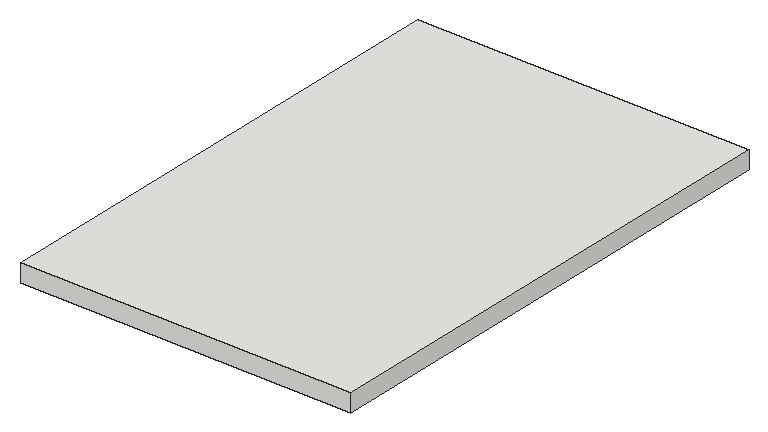
Revit family "SURVIVOR160xxWS8xxSx", category Leuchten, Revit 2024
Family settings
  Basisbauteil = Fläche
  Bemaßung runder Anschluss = Durchmesser verwenden
  Teiletyp = Normal
  OmniClass-Nummer = 23.80.70.11
  OmniClass-Titel = Luminaries for Internal Lighting
  Beim Laden mit Abzugskörper schneiden = Nein
  Lichtquelle = Ja
  Beschriftungsausrichtung beibehalten = Nein
  Gemeinsam genutzt = Nein
  Raumberechnungspunkt = Nein
Parameters (values of type "SURVIVOR160NDWS840S0650-RF")
  width = 240 mm  # constant formula
  weight = "13,2"
  voltage type (AC, DC, UC) = "AC"
  rated input power = 45
  product name = "SURVIVOR160NDWS840S0650-RF"
  nominal voltage = "230"
  nominal frequency = "50-60Hz"
  length = 1600 mm  # constant formula
  ingress protection (IP) code = "IP65"
  height = 73 mm  # constant formula
  electrical safety class = "1"
  control gear = ""
  conformity mark = "CE"  # constant formula
  brand = "RIDI"
  approval mark = ""
  built-in parameter 1150104 = 13.8 (stored number, unit not read)
  Wattage = 44.4319 W
  Von Breite des Rechtecks ausssenden = 1528 mm
  Von Länge des Rechtecks aussenden = 181 mm  # constant formula
  Default Elevation = 0 mm
  built-in parameter 1150113 = 1 (stored number, unit not read)
  built-in parameter 1114218 = 1 (stored number, unit not read)
  URL = "www.ridi.de"
  built-in parameter 1150134 = 12
  built-in parameter 1150109 = 1 (stored number, unit not read)
  built-in parameter 1150110 = 1 (stored number, unit not read)
  Apparent Load = 45 VA
  Tilt Angle = 90.00°
  Modell = "0622223//420"
  built-in parameter 1114217 = 1 (stored number, unit not read)
  built-in parameter 1150139 = (empty or 0)
  built-in parameter 1150105 = 525.21 (stored number, unit not read)
  built-in parameter 1150114 = 1 (stored number, unit not read)
  Lumens = 6600 lm
  built-in parameter 1150115 = 1 (stored number, unit not read)
  built-in parameter 1150112 = 1 (stored number, unit not read)
  Lampe = "LED"
  Hersteller = "RIDI Leuchten GmbH"  # constant formula
  Dimming Lamp Color Temperature Shift = (empty or 0)
  Color Filter = 16777215
  built-in parameter 1150133 = 10 (stored number, unit not read)
  Emit Shape Visible in Rendering = no
  built-in parameter 1150137 = (empty or 0)
  built-in parameter 1150132 = 2
  Datei für fotometrisches Netz = "SURVIVOR160DAWS840S0700.IES"
  Copyright = "© RIDI. All rights reserved."  # constant formula
  built-in parameter 1150106 = 5.2521 (stored number, unit not read)
  Baugruppenkennzeichen = "D5020200"
  built-in parameter 1150107 = 4000 (stored number, unit not read)
  built-in parameter 1150102 = (empty or 0)
  built-in parameter 1150138 = (empty or 0)
Types (5, lengths in mm): name | rated input power | product name | Wattage | built-in parameter 1150134 | Apparent Load | Modell | built-in parameter 1150105 | Lumens | built-in parameter 1150106 | built-in parameter 1150107
  (no name) | 45 | "SURVIVOR160NDWS840S0650-RF" | 44.4319 W | 12 | 45 VA | "0622223//420" | 525.21 (stored number, unit not read) | 6600 lm | 5.2521 (stored number, unit not read) | 4000 (stored number, unit not read)
  SURVIVOR160DAWS830S0600 | 43 | "SURVIVOR160DAWS830S0600" | 43.6914 W | (empty or 0) | 43 VA | "0632219" | 516.46 (stored number, unit not read) | 6490 lm | 5.1646 (stored number, unit not read) | 3000 (stored number, unit not read)
  SURVIVOR160NDWS830S0600-RF | 45 | "SURVIVOR160NDWS830S0600-RF" | 42.4123 W | (empty or 0) | 45 VA | "0622219//420" | 501.34 (stored number, unit not read) | 6300 lm | 5.0134 (stored number, unit not read) | 3000 (stored number, unit not read)
  SURVIVOR160NDWS840S0650-RF | 45 | "SURVIVOR160NDWS840S0650-RF" | 44.4319 W | 12 | 45 VA | "0622223//420" | 525.21 (stored number, unit not read) | 6600 lm | 5.2521 (stored number, unit not read) | 4000 (stored number, unit not read)
  SURVIVOR160DAWS840S0650 | 43 | "SURVIVOR160DAWS840S0650" | 46.0476 W | 12 | 43 VA | "0632223" | 544.31 (stored number, unit not read) | 6840 lm | 5.4431 (stored number, unit not read) | 4000 (stored number, unit not read)
Reference planes
  plane 1 "Mitte (Vorne/hinten)": y = 0
  plane 2: z = 0
  plane 3 "Mitte (Links/rechts)": x = 0
Forms (mm)
  Extrusion 1, solid
    sketch origin (219.2, 280.8, 0) x (1, 0, 0) y (0, 1, 0)
      loop
        line (-1219.2, 1219.2) -> (-1219.2, -1780.8) -> (780.8, -1780.8) -> (780.8, 1219.2) -> (-1219.2, 1219.2)
    from 0 to -107.307
Dimensions and locks
  locked: import instance to imposter light at 24
  aligned and locked: plane 2 to Extrusion 1
  aligned and locked: level to Extrusion 1
  aligned and locked: import instance to Extrusion 1
Connectors
  electrical at (53.526, -773.6, 2.275), driven by "Apparent Load"
    settings: on import instance, index 1, voltage 230 V, apparent load 0 VA, apparent load phase1 45 VA, apparent load phase2 0 VA, apparent load phase3 0 VA, power factor 1, load classification "Lighting", number of poles 1, system type 31, power factor state 1, is connector primary yes, connector utility no, sub classification motor no, connector description ""
